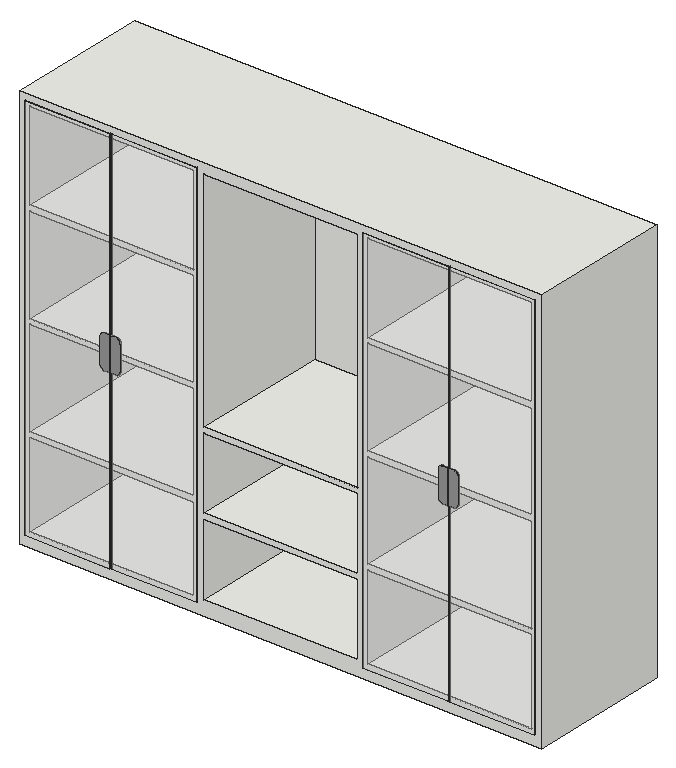
Revit family "WARDROBE 3", category Furniture, Revit 2023
Family settings
  Work Plane-Based = No
  Enable Cutting in Views = No
  Always vertical = Yes
  Cut with Voids When Loaded = No
  Render Appearance Source = Family Geometry
  Shared = No
  Room Calculation Point = No
Parameters (values of type "2743x2134x762mm")
  Material = Laminate - Ivory, Matte
  Keynote = "N"
  Default Elevation = 0.00 mm
  Center Width = 813.00 mm
  Depth = 762.00 mm
  Height = 2134.00 mm
  Width = 2743.00 mm
Types (3, lengths in mm): name | Depth | Height | Width
  (no name) | 762.00 | 2134.00 | 2743.00
  1830x1830x610mm | 610.00 | 1830.00 | 1830.00
  2743x2134x762mm | 762.00 | 2134.00 | 2743.00
Reference planes
  plane 1: y = -406.4
  plane 2: z = 0
  plane 3: x = 0
  plane 4 "Back": y = -25.4
  plane 5 "Front": y = -787.4
  plane 6 "Right": x = 1371.5
  plane 7 "Left": x = -1371.5
  plane 8: z = 2134
  plane 9: x = -1320.7
  plane 10: x = -406.5
  plane 11: x = 406.5
  plane 12: x = 1320.7
  plane 13: x = -1371.5
  plane 14: x = 1371.5
  plane 15: z = 1600.5
  plane 16: z = 1067
  plane 17: z = 533.5
  plane 18: x = -431.9
  plane 19: x = 431.9
  plane 20: x = -889
  plane 21: x = 889
  plane 22: x = -1320.7
  plane 23: x = -457.3
  plane 24: x = 457.3
  plane 25: x = 1320.7
Forms (mm)
  Extrusion 1, solid, material "Laminate - Ivory, Matte" <- "Material"
    sketch origin (0, 0, 0) x (1, 0, 0) y (0, 0, 1)
      loop
        line (-1371.5, 0) -> (1371.5, 0) -> (1371.5, 2134) -> (-1371.5, 2134) -> (-1371.5, 0)
      loop
        line (-1320.7, 2083.2) -> (-1320.7, 1613.2) -> (-457.3, 1613.2) -> (-457.3, 2083.2) -> (-1320.7, 2083.2)
      loop
        line (-1320.7, 76.2) -> (-457.3, 76.2) -> (-457.3, 520.8) -> (-1320.7, 520.8) -> (-1320.7, 76.2)
      loop
        line (1320.7, 2083.2) -> (457.3, 2083.2) -> (457.3, 1613.2) -> (1320.7, 1613.2) -> (1320.7, 2083.2)
      loop
        line (-406.5, 2083.2) -> (-406.5, 889.2) -> (406.5, 889.2) -> (406.5, 2083.2) -> (-406.5, 2083.2)
      loop
        line (-406.5, 76.2) -> (406.5, 76.2) -> (406.5, 457.3) -> (-406.5, 457.3) -> (-406.5, 76.2)
      loop
        line (457.3, 76.2) -> (1320.7, 76.2) -> (1320.7, 520.8) -> (457.3, 520.8) -> (457.3, 76.2)
      loop
        line (-457.3, 546.2) -> (-457.3, 1054.3) -> (-1320.7, 1054.3) -> (-1320.7, 546.2) -> (-457.3, 546.2)
      loop
        line (-1320.7, 1587.8) -> (-1320.7, 1079.7) -> (-457.3, 1079.7) -> (-457.3, 1587.8) -> (-1320.7, 1587.8)
      loop
        line (1320.7, 1587.8) -> (457.3, 1587.8) -> (457.3, 1079.7) -> (1320.7, 1079.7) -> (1320.7, 1587.8)
      loop
        line (1320.7, 1054.3) -> (457.3, 1054.3) -> (457.3, 546.2) -> (1320.7, 546.2) -> (1320.7, 1054.3)
      loop
        line (-406.5, 482.7) -> (406.5, 482.7) -> (406.5, 863.8) -> (-406.5, 863.8) -> (-406.5, 482.7)
    from 25.4 to 781.05
  Extrusion 2, solid, material "Laminate - Ivory, Matte" <- "Material"
    sketch origin (0, -25.4, 0) x (-1, 0, 0) y (0, 0, 1)
      loop
        line (1320.7, 2083.2) -> (-1320.7, 2083.2) -> (-1320.7, 76.2) -> (1320.7, 76.2) -> (1320.7, 2083.2)
    from 0 to -25.4
  Extrusion 3, solid, material "Glass - Clear, Grey"
    sketch origin (0, -787.4, 0) x (-1, 0, 0) y (0, 0, 1)
      loop
        line (1339.75, 2102.25) -> (892.175, 2102.25) -> (892.175, 50.8) -> (1339.75, 50.8) -> (1339.75, 2102.25)
      loop
        line (438.25, 50.8) -> (885.825, 50.8) -> (885.825, 2102.25) -> (438.25, 2102.25) -> (438.25, 50.8)
      loop
        line (-1339.75, 2102.25) -> (-1339.75, 50.8) -> (-892.175, 50.8) -> (-892.175, 2102.25) -> (-1339.75, 2102.25)
      loop
        line (-438.25, 50.8) -> (-438.25, 2102.25) -> (-885.825, 2102.25) -> (-885.825, 50.8) -> (-438.25, 50.8)
    from 0 to 6.35
  Extrusion 4, solid, material "Metal - Chrome"
    sketch origin (0, -787.4, 0) x (-1, 0, 0) y (0, 0, 1)
      loop
        line (885.825, 1155.9) -> (861.599, 1155.9)
        arc (861.599, 1155.9) -> (843.638, 1148.461) -> (836.199, 1130.5) r 25.4
        line (836.199, 1130.5) -> (836.199, 1003.5)
        arc (836.199, 1003.5) -> (843.638, 985.539) -> (861.599, 978.1) r 25.4
        line (861.599, 978.1) -> (885.825, 978.1) -> (885.825, 1155.9)
      loop
        line (892.175, 1155.9) -> (892.175, 978.1) -> (916.781, 978.1)
        arc (916.781, 978.1) -> (934.742, 985.539) -> (942.181, 1003.5) r 25.4
        line (942.181, 1003.5) -> (942.181, 1130.5)
        arc (942.181, 1130.5) -> (934.742, 1148.461) -> (916.781, 1155.9) r 25.4
        line (916.781, 1155.9) -> (892.175, 1155.9)
      loop
        line (-885.825, 1155.9) -> (-885.825, 978.1) -> (-861.599, 978.1)
        arc (-861.599, 978.1) -> (-843.638, 985.539) -> (-836.199, 1003.5) r 25.4
        line (-836.199, 1003.5) -> (-836.199, 1130.5)
        arc (-836.199, 1130.5) -> (-843.638, 1148.461) -> (-861.599, 1155.9) r 25.4
        line (-861.599, 1155.9) -> (-885.825, 1155.9)
      loop
        line (-892.175, 1155.9) -> (-916.781, 1155.9)
        arc (-916.781, 1155.9) -> (-934.742, 1148.461) -> (-942.181, 1130.5) r 25.4
        line (-942.181, 1130.5) -> (-942.181, 1003.5)
        arc (-942.181, 1003.5) -> (-934.742, 985.539) -> (-916.781, 978.1) r 25.4
        line (-916.781, 978.1) -> (-892.175, 978.1) -> (-892.175, 1155.9)
    from 0 to -3.175
Lines and regions (mm)
  Masking region 1
    outline origin (0, 0, 0) x (1, 0, 0) y (0, 1, 0)
      loop
        line (-1371.5, -25.4) -> (-1371.5, -787.4) -> (1371.5, -787.4) -> (1371.5, -25.4) -> (-1371.5, -25.4)
  symbolic lines, style "Furniture"
    curve 1: line (-1371.5, -787.4, 0) -> (1371.5, -787.4, 0)
    curve 2: line (-1371.5, -25.4, 0) -> (-1371.5, -787.4, 0)
    curve 3: line (1371.5, -25.4, 0) -> (-1371.5, -25.4, 0)
    curve 4: line (1371.5, -787.4, 0) -> (1371.5, -25.4, 0)
Dimensions and locks
  locked: plane 13 to plane 9 at 50.8
  locked: plane 12 to plane 14 at 50.8
  plane 8 to Extrusion 1 sketch curve = 50.80 mm
  Extrusion 1 sketch curve to plane 2 = 76.20 mm
  Extrusion 1 sketch curve to Extrusion 1 sketch curve = 25.40 mm  (x2)
  "Width": plane 7 "Left" to plane 6 "Right"
  equal spacing: plane 7 "Left", plane 3, plane 6 "Right"
  equal spacing: plane 4 "Back", plane 1, plane 5 "Front"
  "Depth": plane 4 "Back" to plane 5 "Front"
  equal spacing: plane 8, plane 15, plane 16, plane 17, plane 2
  locked: Extrusion 1 sketch curve to plane 15 at 12.7
  locked: plane 15 to Extrusion 1 sketch curve at 12.7
  locked: Extrusion 1 sketch curve to plane 16 at 12.7
  locked: plane 16 to Extrusion 1 sketch curve at 12.7
  locked: Extrusion 1 sketch curve to plane 17 at 12.7
  locked: plane 17 to Extrusion 1 sketch curve at 12.7
  "Height": plane 8 to plane 2
  "Center Width": plane 10 to plane 11
  equal spacing: plane 10, plane 3, plane 11
  locked: plane 18 to plane 10 at 25.4
  locked: plane 11 to plane 19 at 25.4
  locked: plane 7 "Left" to plane 22 at 50.8
  locked: plane 23 to plane 18 at 25.4
  locked: plane 19 to plane 24 at 25.4
  locked: plane 25 to plane 6 "Right" at 50.8
  equal spacing: plane 22, plane 20, plane 23
  equal spacing: plane 24, plane 21, plane 25
  aligned and locked: Extrusion 1 sketch curve to plane 13
  aligned and locked: Extrusion 1 sketch curve to plane 14
  aligned and locked: plane 13 to plane 7 "Left"
  aligned and locked: Extrusion 1 sketch curve to Extrusion 1 sketch curve  (x2)
  aligned and locked: plane 14 to plane 6 "Right"
  aligned and locked: plane 4 "Back" to Extrusion 1
  aligned and locked: Extrusion 1 to Extrusion 3
  aligned and locked: Extrusion 4 sketch curve to Extrusion 3  (x2)
  aligned and locked: Extrusion 3 to Extrusion 4 sketch curve  (x2)
  aligned: Masking region 1 sketch curve to plane 4 "Back"
  aligned: plane 5 "Front" to Masking region 1 sketch curve
  aligned: Masking region 1 sketch curve to plane 6 "Right"
Automatic sketch dimensions
  Extrusion 1 sketch curve to plane 9 = 0.00 mm  (x4)
  Extrusion 1 sketch curve to plane 10 = 0.00 mm  (x3)
  Extrusion 1 sketch curve to plane 11 = 0.00 mm  (x3)
  Extrusion 1 sketch curve to plane 12 = 0.00 mm  (x4)
  Extrusion 1 sketch curve to Extrusion 1 sketch curve = 50.80 mm  (x2)
  Extrusion 1 sketch curve to plane 11 = 50.80 mm
  Extrusion 1 sketch curve to plane 8 = 0.00 mm
  Extrusion 1 sketch curve to Extrusion 1 sketch curve = 0.00 mm  (x6)
  Extrusion 1 sketch curve to level = 0.00 mm
  level to Extrusion 1 sketch curve = 76.20 mm
  plane 8 to Extrusion 1 sketch curve = 50.80 mm
  Extrusion 1 sketch curve to Extrusion 1 sketch curve = 165.10 mm  (x2)
  Extrusion 1 sketch curve to Extrusion 1 sketch curve = 25.40 mm  (x2)
  Extrusion 1 sketch curve to Extrusion 1 sketch curve = 38.10 mm  (x2)
  curve 3 to plane 4 "Back" = 0.00 mm
  curve 3 to plane 7 "Left" = 0.00 mm
  curve 3 to plane 6 "Right" = 0.00 mm
  curve 1 to plane 5 "Front" = 0.00 mm
  Extrusion 2 sketch curve to plane 6 "Right" = 50.80 mm
  plane 7 "Left" to Extrusion 2 sketch curve = 50.80 mm
  level to Extrusion 2 sketch curve = 76.20 mm
  plane 8 to Extrusion 2 sketch curve = 50.80 mm
  plane 18 to Extrusion 1 sketch curve = 25.40 mm
  Extrusion 3 sketch curve to plane 6 "Right" = 31.75 mm
  Extrusion 3 sketch curve to plane 21 = 3.175 mm
  plane 21 to Extrusion 3 sketch curve = 3.175 mm
  Extrusion 3 sketch curve to plane 19 = 6.35 mm
  plane 18 to Extrusion 3 sketch curve = 6.35 mm
  Extrusion 3 sketch curve to plane 20 = 3.175 mm
  plane 20 to Extrusion 3 sketch curve = 3.175 mm
  plane 7 "Left" to Extrusion 3 sketch curve = 31.75 mm
  level to Extrusion 3 sketch curve = 50.80 mm  (x4)
  plane 8 to Extrusion 3 sketch curve = 31.75 mm  (x4)
  Extrusion 4 sketch curve to Extrusion 4 sketch curve = 24.606 mm  (x4)
  Extrusion 4 sketch curve to Extrusion 4 sketch curve = 25.40 mm  (x5)
  Extrusion 4 sketch curve to Extrusion 4 sketch curve = 24.226 mm  (x4)
  Extrusion 4 sketch curve to Extrusion 4 sketch curve = 49.626 mm
  plane 16 to Extrusion 4 sketch curve = 88.90 mm  (x2)
  Extrusion 4 sketch curve to Extrusion 4 sketch curve = 0.00 mm  (x2)
  Extrusion 4 sketch curve to plane 16 = 63.50 mm  (x2)
  Masking region 1 sketch curve to plane 5 "Front" = 0.00 mm
  Masking region 1 sketch curve to plane 7 "Left" = 0.00 mm
  Masking region 1 sketch curve to plane 6 "Right" = 0.00 mm
  Masking region 1 sketch curve to plane 4 "Back" = 0.00 mm
